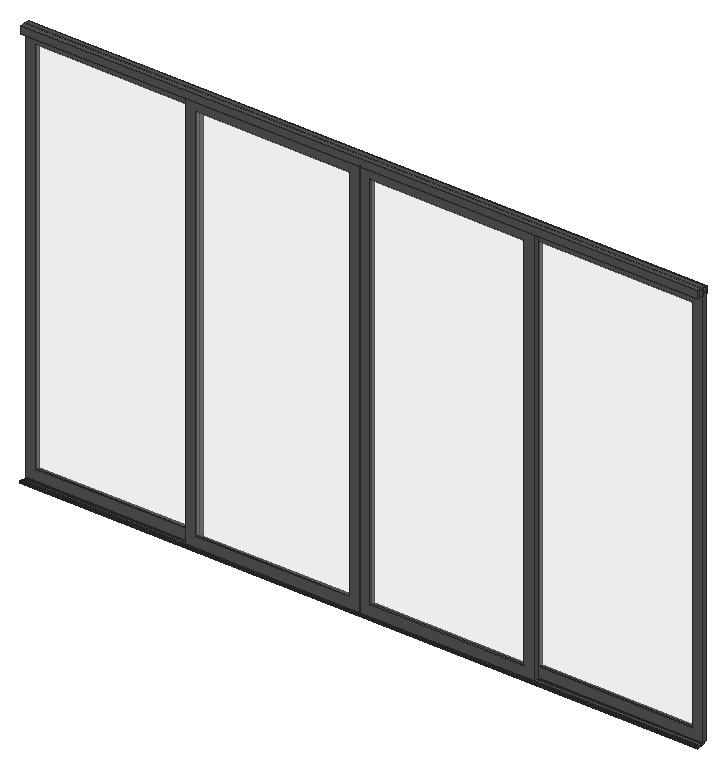
Revit family "Door_FTS RD_The Sliding Door Company_4-Panel Double Track (ABBA-Recessed Bottom)", category Doors, host Wall, Revit 2019
Family settings
  Host = Wall
  OmniClass Number = 23.30.10.00
  OmniClass Title = Doors
  Always vertical = Yes
  Cut with Voids When Loaded = No
  Shared = No
  Room Calculation Point = No
Parameters (values of type "FTS Room Divider - 4 Panel 2 Track - ABBA")
  Upper Track Material [instance] = TSDC - Casing/Upper Track - Powder Coated Black
  URL = "https://www.slidingdoorco.com"
  Thickness = 1 1/4"  # constant formula
  Stile and Rail = 3"
  Rough Width = Finished Opening Width + 5/8" * 2  # 204 1/4"
  Rough Height = Finished Opening Height + 5/8"  # 122 1/4"
  Panel Width 3" Frame = Width / 4 + 1 1/2"  # 52"
  Panel Width 1 1/2" Frame = Width / 4 + 3/4"  # 51 1/4"
  Panel Height = Height - 2 1/4"  # 119 3/4"
  Order Height = Finished Opening Height + 3/8"  # 122"
  Opening Clearance 3" Frame = Width - [Panel Width 3" Frame] * 2  # 98"
  Opening Clearance 1 1/2" Frame = Width - [Panel Width 1 1/2" Frame] * 2  # 99 1/2"
  Open [instance] = no
  Model = "FTS Room Divider - Full Height System"  # constant formula
  Manufacturer = "The Sliding Door Company"  # constant formula
  Limitations = "Panel Width x System Height cannot exceed 7,400 square inches"  # constant formula
  Glass Thickness = "Available in: 5mm Tempered, 7mm,10mm,11mm Laminated Glass"  # constant formula
  Glass Material [instance] = TSDC - Glass - Clear
  Function = Interior
  Height = if(Order Height > 122", 122", Order Height)  # 122"
  Wall Closure = By host
  Width = if(Finished Opening Width > 202", 202", Finished Opening Width)  # 202"
  Fire Rating = "N/A"  # constant formula
  Finished Opening Width = 203"
  Finished Opening Height = 121 5/8"
  Door Casing Material [instance] = TSDC - Casing/Upper Track - Powder Coated Black
  Description = "4 Panel Bi-part System with Double Track (Recessed Bottom Track)"  # constant formula
  Contact The Sliding Door Company = "https://www.slidingdoorco.com/contact"
  Construction Type = "Bi-part, Top Mounted, Recessed Bottom Track"  # constant formula
  Configuration = "ABBA Configuration"  # constant formula
  Closed [instance] = not(Open)  # yes
  Bottom Track Material [instance] = TSDC - Bottom Track - Powder Coated Black
  Analytic Construction = "<None>"
  3" Frame (No Support Dividers) = "Max. H=122 in., Max. W=202 in. (52 in. panel width)"  # constant formula
  1 1/2" Frame (No Support Dividers) = "Max. H=108 in., Max. W=190 in. (50 in. panel width)"  # constant formula
Reference planes (in)
  plane 1 "Center (Front/Back)": y = 0
  plane 2 "Center (Left/Right)": x = 0
  plane 3 "Top": z = 121.625
  plane 4 "Exterior": y = 3
  plane 5 "Interior": y = -3
  plane 6: x = -101
  plane 7: x = 101
  plane 8: z = 0.625
  plane 9 "2": z = 120
  plane 10 "Top": z = 96
  plane 11 "2": z = 94.375
  plane 12 "3": z = 95.25
  plane 13 "Top": z = 96
  plane 14 "2": z = 94.375
  plane 15 "3": z = 95.25
  plane 16 "Top": z = 80
  plane 17: x = -50
  plane 18: x = 50
  plane 19 "2": z = 78.375
  plane 20 "3": z = 79.25
  plane 21: x = -50.5
  plane 22: x = 50.5
  plane 23: x = -36.75
  plane 24: x = -38.25
  plane 25: x = 38.25
  plane 26: x = 36
  plane 27: z = 119.5
  plane 28: z = -0.375
  plane 29: z = 0.25
Forms (in)
  Extrusion 1, solid, material "TSDC - Casing/Upper Track - Powder Coated Black" <- "Upper Track Material"
    sketch origin (0, -0.1543, 0) x (0, 1, 0) y (0, 0, 1)
      loop
        line (1.74219, 121.625) -> (-1.43359, 121.625) -> (-1.43359, 119.5) -> (-1.375, 119.5) -> (-1.375, 121.56641) -> (0.125, 121.56641) -> (0.125, 119.5) -> (0.18359, 119.5) -> (0.18359, 121.56641) -> (1.68359, 121.56641) -> (1.68359, 119.5) -> (1.74219, 119.5) -> (1.74219, 121.625)
    from -101 to 101
  Extrusion 2, solid, material "TSDC - Casing/Upper Track - Powder Coated Black", not visible
    sketch origin (0, 0.8784, 0.00198) x (0, 1, 0) y (0, 0, 1)
      loop
        line (1.17662, -0.00198) -> (1.7466, -0.00198) -> (1.7466, 0.11422) -> (1.63872, 0.16601) -> (1.5898, 0.16) -> (1.58595, 0.19134) -> (1.49638, 0.23434) -> (1.44746, 0.22833) -> (1.44362, 0.25967) -> (1.35493, 0.30224) -> (1.30601, 0.29623) -> (1.30216, 0.32757) -> (1.21825, 0.36785)
        arc (1.21825, 0.36785) -> (1.19583, 0.37043) -> (1.17662, 0.35859) r 0.03449
        line (1.17662, 0.35859) -> (1.17662, 0.26961) -> (1.14379, 0.26961) -> (1.14379, 0.30227) -> (1.11271, 0.30227) -> (1.11271, 0.05752) -> (1.14379, 0.05752) -> (1.14379, 0.08934) -> (1.17662, 0.08934) -> (1.17662, -0.00198)
      loop
        line (1.6966, 0.05) -> (1.6966, 0.08276) -> (1.2346, 0.30454) -> (1.2346, 0.05) -> (1.6966, 0.05)
    from -50 to 50
  Extrusion 3, solid, material "TSDC - Casing/Upper Track - Powder Coated Black", not visible
    sketch origin (0, 0.8784, 0.00198) x (0, 1, 0) y (0, 0, 1)
      loop
        arc (1.17662, 0.34104) -> (1.17081, 0.35508) -> (1.15677, 0.36093) r 0.01985
        line (1.15677, 0.36093) -> (1.07541, 0.36093)
        arc (1.07541, 0.36093) -> (1.06136, 0.3551) -> (1.05556, 0.34103) r 0.01985
        line (1.05556, 0.34103) -> (1.05556, 0.20299) -> (0.9831, 0.20299) -> (0.9831, 0.28602)
        arc (0.9831, 0.28602) -> (0.87384, 0.39506) -> (0.76472, 0.28588) r 0.10919
        line (0.76472, 0.28588) -> (0.82428, 0.28588)
        arc (0.82428, 0.28588) -> (0.87397, 0.3355) -> (0.92354, 0.28575) r 0.04963
        line (0.92354, 0.28575) -> (0.92354, 0.14753) -> (1.05556, 0.10767) -> (1.05556, 0.05757) -> (0.38753, 0.05757) -> (0.38753, 0.36093) -> (-0.56932, 0.36093) -> (-0.56932, 0.20299) -> (-0.64178, 0.20299) -> (-0.64178, 0.28602)
        arc (-0.64178, 0.28602) -> (-0.75104, 0.39506) -> (-0.86016, 0.28588) r 0.10919
        line (-0.86016, 0.28588) -> (-0.8006, 0.28588)
        arc (-0.8006, 0.28588) -> (-0.75091, 0.3355) -> (-0.70134, 0.28575) r 0.04963
        line (-0.70134, 0.28575) -> (-0.70134, 0.14753) -> (-0.56932, 0.10767) -> (-0.56932, 0.05757) -> (-1.23735, 0.05757) -> (-1.23735, 0.36093) -> (-2.19421, 0.36093) -> (-2.19421, 0.20299) -> (-2.26667, 0.20299) -> (-2.26667, 0.28602)
        arc (-2.26667, 0.28602) -> (-2.37592, 0.39506) -> (-2.48504, 0.28588) r 0.10919
        line (-2.48504, 0.28588) -> (-2.42548, 0.28588)
        arc (-2.42548, 0.28588) -> (-2.37579, 0.3355) -> (-2.32622, 0.28575) r 0.04963
        line (-2.32622, 0.28575) -> (-2.32622, 0.14753) -> (-2.19421, 0.10767) -> (-2.19421, 0.05757) -> (-2.86223, 0.05757) -> (-2.86223, 0.34103)
        arc (-2.86223, 0.34103) -> (-2.86803, 0.3551) -> (-2.88208, 0.36093) r 0.01985
        line (-2.88208, 0.36093) -> (-2.96344, 0.36093)
        arc (-2.96344, 0.36093) -> (-2.97751, 0.35509) -> (-2.9833, 0.341) r 0.01985
        line (-2.9833, 0.341) -> (-2.9833, 0.26961) -> (-2.95059, 0.26961) -> (-2.95059, 0.30227) -> (-2.91939, 0.30227) -> (-2.91939, 0.05752) -> (-2.95046, 0.05752) -> (-2.95046, 0.08934) -> (-2.9833, 0.08934) -> (-2.9833, -0.00198) -> (-2.13705, -0.00198) -> (-2.10598, 0.05752) -> (-2.13705, 0.05752) -> (-2.13705, 0.30227) -> (-1.29451, 0.30227) -> (-1.29451, 0.05752) -> (-1.32558, 0.05752) -> (-1.29451, -0.00198) -> (-0.51217, -0.00198) -> (-0.4811, 0.05752) -> (-0.51217, 0.05752) -> (-0.51217, 0.30227) -> (0.33038, 0.30227) -> (0.33038, 0.05752) -> (0.2993, 0.05752) -> (0.33038, -0.00198) -> (1.17662, -0.00198) -> (1.17662, 0.08934) -> (1.14379, 0.08934) -> (1.14379, 0.05752) -> (1.11271, 0.05752) -> (1.11271, 0.30227) -> (1.14379, 0.30227) -> (1.14379, 0.26961) -> (1.17662, 0.26961) -> (1.17662, 0.34104)
    from -50 to 50
  Extrusion 4, solid, material "TSDC - Casing/Upper Track - Powder Coated Black", not visible
    sketch origin (0, -0.92827, 0.00198) x (0, -1, 0) y (0, 0, -1)
      loop
        line (1.17662, 0.00198) -> (1.17662, -0.08934) -> (1.14379, -0.08934) -> (1.14379, -0.05752) -> (1.11271, -0.05752) -> (1.11271, -0.30227) -> (1.14379, -0.30227) -> (1.14379, -0.26961) -> (1.17662, -0.26961) -> (1.17662, -0.35859)
        arc (1.17662, -0.35859) -> (1.19583, -0.37043) -> (1.21825, -0.36785) r 0.03449
        line (1.21825, -0.36785) -> (1.30216, -0.32757) -> (1.30601, -0.29623) -> (1.35493, -0.30224) -> (1.44362, -0.25967) -> (1.44746, -0.22833) -> (1.49638, -0.23434) -> (1.58595, -0.19134) -> (1.5898, -0.16) -> (1.63872, -0.16601) -> (1.7466, -0.11422) -> (1.7466, 0.00198) -> (1.17662, 0.00198)
      loop
        line (1.6966, -0.05) -> (1.2346, -0.05) -> (1.2346, -0.30454) -> (1.6966, -0.08276) -> (1.6966, -0.05)
    from -50 to 50
  Extrusion 5, solid, material "TSDC - Casing/Upper Track - Powder Coated Black", not visible
    sketch origin (0, 1.25781, 0) x (0, 1, 0) y (0, 0, 1)
      loop
        line (1.74219, 96) -> (-2.99219, 96) -> (-2.99219, 93.875) -> (-2.93359, 93.875) -> (-2.93359, 95.94141) -> (-1.43359, 95.94141) -> (-1.43359, 93.875) -> (-1.375, 93.875) -> (-1.375, 95.94141) -> (0.125, 95.94141) -> (0.125, 93.875) -> (0.18359, 93.875) -> (0.18359, 95.94141) -> (1.68359, 95.94141) -> (1.68359, 93.875) -> (1.74219, 93.875) -> (1.74219, 96)
    from -50 to 50
  Extrusion 6, solid, material "TSDC - Casing/Upper Track - Powder Coated Black", visible <- "Open", not visible
    sketch origin (-18.0008, 2.81641, 0) x (1, 0, 0) y (0, 0, 1)
      loop
        line (2.33413, 94.375) -> (-31.9992, 94.375) -> (-31.9992, 0.625) -> (2.33413, 0.625) -> (2.33413, 94.375)
      loop
        line (0.83413, 92.875) -> (-30.4992, 92.875) -> (-30.4992, 2.125) -> (0.83413, 2.125) -> (0.83413, 92.875)
    from 0 to 1.25
  Extrusion 7, solid, material "TSDC - Glass - Clear", visible <- "Open", not visible
    sketch origin (-18.0008, 2.31641, 0) x (1, 0, 0) y (0, 0, 1)
      loop
        line (0.83413, 92.875) -> (-30.4992, 92.875) -> (-30.4992, 2.125) -> (0.83413, 2.125) -> (0.83413, 92.875)
    from 0 to 0.25
  Extrusion 8, solid, material "TSDC - Casing/Upper Track - Powder Coated Black", visible <- "Open", not visible
    sketch origin (-44.66746, 1.25781, 0) x (1, 0, 0) y (0, 0, 1)
      loop
        line (29.0008, 94.375) -> (-5.33254, 94.375) -> (-5.33254, 0.625) -> (29.0008, 0.625) -> (29.0008, 94.375)
      loop
        line (27.5008, 92.875) -> (-3.83254, 92.875) -> (-3.83254, 2.125) -> (27.5008, 2.125) -> (27.5008, 92.875)
    from 0 to 1.25
  Extrusion 9, solid, material "TSDC - Glass - Clear", visible <- "Open", not visible
    sketch origin (-44.66746, 0.75781, 0) x (1, 0, 0) y (0, 0, 1)
      loop
        line (27.5008, 92.875) -> (-3.83254, 92.875) -> (-3.83254, 2.125) -> (27.5008, 2.125) -> (27.5008, 92.875)
    from 0 to 0.25
  Extrusion 10, solid, material "TSDC - Casing/Upper Track - Powder Coated Black", visible <- "Open", not visible
    sketch origin (-71.33413, -0.30078, 0) x (1, 0, 0) y (0, 0, 1)
      loop
        line (55.66746, 94.375) -> (21.33413, 94.375) -> (21.33413, 0.625) -> (55.66746, 0.625) -> (55.66746, 94.375)
      loop
        line (54.16746, 92.875) -> (22.83413, 92.875) -> (22.83413, 2.125) -> (54.16746, 2.125) -> (54.16746, 92.875)
    from 0 to 1.25
  Extrusion 11, solid, material "TSDC - Glass - Clear", visible <- "Open", not visible
    sketch origin (-71.33413, -0.80078, 0) x (1, 0, 0) y (0, 0, 1)
      loop
        line (54.16746, 92.875) -> (22.83413, 92.875) -> (22.83413, 2.125) -> (54.16746, 2.125) -> (54.16746, 92.875)
    from 0 to 0.25
  Extrusion 12, solid, material "TSDC - Casing/Upper Track - Powder Coated Black", visible <- "Closed", not visible
    sketch origin (-11.83413, 1.25781, 0) x (1, 0, 0) y (0, 0, 1)
      loop
        line (29.0008, 94.375) -> (-5.33254, 94.375) -> (-5.33254, 0.625) -> (29.0008, 0.625) -> (29.0008, 94.375)
      loop
        line (27.5008, 92.875) -> (-3.83254, 92.875) -> (-3.83254, 2.125) -> (27.5008, 2.125) -> (27.5008, 92.875)
    from 0 to 1.25
  Extrusion 13, solid, material "TSDC - Glass - Clear", visible <- "Closed", not visible
    sketch origin (-11.83413, 0.75781, 0) x (1, 0, 0) y (0, 0, 1)
      loop
        line (27.5008, 92.875) -> (-3.83254, 92.875) -> (-3.83254, 2.125) -> (27.5008, 2.125) -> (27.5008, 92.875)
    from 0 to 0.25
  Extrusion 14, solid, material "TSDC - Casing/Upper Track - Powder Coated Black", visible <- "Closed", not visible
    sketch origin (47.66587, 2.81641, 0) x (1, 0, 0) y (0, 0, 1)
      loop
        line (2.33413, 94.375) -> (-31.9992, 94.375) -> (-31.9992, 0.625) -> (2.33413, 0.625) -> (2.33413, 94.375)
      loop
        line (0.83413, 92.875) -> (-30.4992, 92.875) -> (-30.4992, 2.125) -> (0.83413, 2.125) -> (0.83413, 92.875)
    from 0 to 1.25
  Extrusion 15, solid, material "TSDC - Glass - Clear", visible <- "Closed", not visible
    sketch origin (47.66587, 2.31641, 0) x (1, 0, 0) y (0, 0, 1)
      loop
        line (0.83413, 92.875) -> (-30.4992, 92.875) -> (-30.4992, 2.125) -> (0.83413, 2.125) -> (0.83413, 92.875)
    from 0 to 0.25
  Extrusion 16, solid, material "TSDC - Casing/Upper Track - Powder Coated Black", visible <- "Closed", not visible
    sketch origin (-71.33413, -0.30078, 0) x (1, 0, 0) y (0, 0, 1)
      loop
        line (55.66746, 94.375) -> (21.33413, 94.375) -> (21.33413, 0.625) -> (55.66746, 0.625) -> (55.66746, 94.375)
      loop
        line (54.16746, 92.875) -> (22.83413, 92.875) -> (22.83413, 2.125) -> (54.16746, 2.125) -> (54.16746, 92.875)
    from 0 to 1.25
  Extrusion 17, solid, material "TSDC - Glass - Clear", visible <- "Closed", not visible
    sketch origin (-71.33413, -0.80078, 0) x (1, 0, 0) y (0, 0, 1)
      loop
        line (54.16746, 92.875) -> (22.83413, 92.875) -> (22.83413, 2.125) -> (54.16746, 2.125) -> (54.16746, 92.875)
    from 0 to 0.25
  Extrusion 18, solid, material "TSDC - Casing/Upper Track - Powder Coated Black", not visible
    sketch origin (0, 1.25781, 0) x (0, 1, 0) y (0, 0, 1)
      loop
        line (1.74219, 96) -> (-2.99219, 96) -> (-2.99219, 93.875) -> (-2.93359, 93.875) -> (-2.93359, 95.94141) -> (-1.43359, 95.94141) -> (-1.43359, 93.875) -> (-1.375, 93.875) -> (-1.375, 95.94141) -> (0.125, 95.94141) -> (0.125, 93.875) -> (0.18359, 93.875) -> (0.18359, 95.94141) -> (1.68359, 95.94141) -> (1.68359, 93.875) -> (1.74219, 93.875) -> (1.74219, 96)
    from -50 to 50
  Extrusion 19, solid, material "TSDC - Casing/Upper Track - Powder Coated Black", not visible
    sketch origin (0, 1.25781, 0) x (0, 1, 0) y (0, 0, 1)
      loop
        line (1.74219, 96) -> (-2.99219, 96) -> (-2.99219, 93.875) -> (-2.93359, 93.875) -> (-2.93359, 95.94141) -> (-1.43359, 95.94141) -> (-1.43359, 93.875) -> (-1.375, 93.875) -> (-1.375, 95.94141) -> (0.125, 95.94141) -> (0.125, 93.875) -> (0.18359, 93.875) -> (0.18359, 95.94141) -> (1.68359, 95.94141) -> (1.68359, 93.875) -> (1.74219, 93.875) -> (1.74219, 96)
    from -50 to 50
  Extrusion 20, solid, material "TSDC - Casing/Upper Track - Powder Coated Black", not visible
    sketch origin (0, 1.25781, 0) x (0, 1, 0) y (0, 0, 1)
      loop
        line (1.74219, 96) -> (-2.99219, 96) -> (-2.99219, 93.875) -> (-2.93359, 93.875) -> (-2.93359, 95.94141) -> (-1.43359, 95.94141) -> (-1.43359, 93.875) -> (-1.375, 93.875) -> (-1.375, 95.94141) -> (0.125, 95.94141) -> (0.125, 93.875) -> (0.18359, 93.875) -> (0.18359, 95.94141) -> (1.68359, 95.94141) -> (1.68359, 93.875) -> (1.74219, 93.875) -> (1.74219, 96)
    from -50 to 50
  Extrusion 21, solid, material "TSDC - Casing/Upper Track - Powder Coated Black", not visible
    sketch origin (0, 0.8784, 0.00198) x (0, 1, 0) y (0, 0, 1)
      loop
        line (1.17662, -0.00198) -> (1.7466, -0.00198) -> (1.7466, 0.11422) -> (1.63872, 0.16601) -> (1.5898, 0.16) -> (1.58595, 0.19134) -> (1.49638, 0.23434) -> (1.44746, 0.22833) -> (1.44362, 0.25967) -> (1.35493, 0.30224) -> (1.30601, 0.29623) -> (1.30216, 0.32757) -> (1.21825, 0.36785)
        arc (1.21825, 0.36785) -> (1.19583, 0.37043) -> (1.17662, 0.35859) r 0.03449
        line (1.17662, 0.35859) -> (1.17662, 0.26961) -> (1.14379, 0.26961) -> (1.14379, 0.30227) -> (1.11271, 0.30227) -> (1.11271, 0.05752) -> (1.14379, 0.05752) -> (1.14379, 0.08934) -> (1.17662, 0.08934) -> (1.17662, -0.00198)
      loop
        line (1.6966, 0.05) -> (1.6966, 0.08276) -> (1.2346, 0.30454) -> (1.2346, 0.05) -> (1.6966, 0.05)
    from -50 to 50
  Extrusion 22, solid, material "TSDC - Casing/Upper Track - Powder Coated Black", not visible
    sketch origin (0, 0.8784, 0.00198) x (0, 1, 0) y (0, 0, 1)
      loop
        arc (1.17662, 0.34104) -> (1.17081, 0.35508) -> (1.15677, 0.36093) r 0.01985
        line (1.15677, 0.36093) -> (1.07541, 0.36093)
        arc (1.07541, 0.36093) -> (1.06136, 0.3551) -> (1.05556, 0.34103) r 0.01985
        line (1.05556, 0.34103) -> (1.05556, 0.20299) -> (0.9831, 0.20299) -> (0.9831, 0.28602)
        arc (0.9831, 0.28602) -> (0.87384, 0.39506) -> (0.76472, 0.28588) r 0.10919
        line (0.76472, 0.28588) -> (0.82428, 0.28588)
        arc (0.82428, 0.28588) -> (0.87397, 0.3355) -> (0.92354, 0.28575) r 0.04963
        line (0.92354, 0.28575) -> (0.92354, 0.14753) -> (1.05556, 0.10767) -> (1.05556, 0.05757) -> (0.38753, 0.05757) -> (0.38753, 0.36093) -> (-0.56932, 0.36093) -> (-0.56932, 0.20299) -> (-0.64178, 0.20299) -> (-0.64178, 0.28602)
        arc (-0.64178, 0.28602) -> (-0.75104, 0.39506) -> (-0.86016, 0.28588) r 0.10919
        line (-0.86016, 0.28588) -> (-0.8006, 0.28588)
        arc (-0.8006, 0.28588) -> (-0.75091, 0.3355) -> (-0.70134, 0.28575) r 0.04963
        line (-0.70134, 0.28575) -> (-0.70134, 0.14753) -> (-0.56932, 0.10767) -> (-0.56932, 0.05757) -> (-1.23735, 0.05757) -> (-1.23735, 0.36093) -> (-2.19421, 0.36093) -> (-2.19421, 0.20299) -> (-2.26667, 0.20299) -> (-2.26667, 0.28602)
        arc (-2.26667, 0.28602) -> (-2.37592, 0.39506) -> (-2.48504, 0.28588) r 0.10919
        line (-2.48504, 0.28588) -> (-2.42548, 0.28588)
        arc (-2.42548, 0.28588) -> (-2.37579, 0.3355) -> (-2.32622, 0.28575) r 0.04963
        line (-2.32622, 0.28575) -> (-2.32622, 0.14753) -> (-2.19421, 0.10767) -> (-2.19421, 0.05757) -> (-2.86223, 0.05757) -> (-2.86223, 0.34103)
        arc (-2.86223, 0.34103) -> (-2.86803, 0.3551) -> (-2.88208, 0.36093) r 0.01985
        line (-2.88208, 0.36093) -> (-2.96344, 0.36093)
        arc (-2.96344, 0.36093) -> (-2.97751, 0.35509) -> (-2.9833, 0.341) r 0.01985
        line (-2.9833, 0.341) -> (-2.9833, 0.26961) -> (-2.95059, 0.26961) -> (-2.95059, 0.30227) -> (-2.91939, 0.30227) -> (-2.91939, 0.05752) -> (-2.95046, 0.05752) -> (-2.95046, 0.08934) -> (-2.9833, 0.08934) -> (-2.9833, -0.00198) -> (-2.13705, -0.00198) -> (-2.10598, 0.05752) -> (-2.13705, 0.05752) -> (-2.13705, 0.30227) -> (-1.29451, 0.30227) -> (-1.29451, 0.05752) -> (-1.32558, 0.05752) -> (-1.29451, -0.00198) -> (-0.51217, -0.00198) -> (-0.4811, 0.05752) -> (-0.51217, 0.05752) -> (-0.51217, 0.30227) -> (0.33038, 0.30227) -> (0.33038, 0.05752) -> (0.2993, 0.05752) -> (0.33038, -0.00198) -> (1.17662, -0.00198) -> (1.17662, 0.08934) -> (1.14379, 0.08934) -> (1.14379, 0.05752) -> (1.11271, 0.05752) -> (1.11271, 0.30227) -> (1.14379, 0.30227) -> (1.14379, 0.26961) -> (1.17662, 0.26961) -> (1.17662, 0.34104)
    from -50 to 50
  Extrusion 23, solid, material "TSDC - Casing/Upper Track - Powder Coated Black", not visible
    sketch origin (0, -0.92827, 0.00198) x (0, -1, 0) y (0, 0, -1)
      loop
        line (1.17662, 0.00198) -> (1.17662, -0.08934) -> (1.14379, -0.08934) -> (1.14379, -0.05752) -> (1.11271, -0.05752) -> (1.11271, -0.30227) -> (1.14379, -0.30227) -> (1.14379, -0.26961) -> (1.17662, -0.26961) -> (1.17662, -0.35859)
        arc (1.17662, -0.35859) -> (1.19583, -0.37043) -> (1.21825, -0.36785) r 0.03449
        line (1.21825, -0.36785) -> (1.30216, -0.32757) -> (1.30601, -0.29623) -> (1.35493, -0.30224) -> (1.44362, -0.25967) -> (1.44746, -0.22833) -> (1.49638, -0.23434) -> (1.58595, -0.19134) -> (1.5898, -0.16) -> (1.63872, -0.16601) -> (1.7466, -0.11422) -> (1.7466, 0.00198) -> (1.17662, 0.00198)
      loop
        line (1.6966, -0.05) -> (1.2346, -0.05) -> (1.2346, -0.30454) -> (1.6966, -0.08276) -> (1.6966, -0.05)
    from -50 to 50
  Extrusion 24, solid, material "TSDC - Casing/Upper Track - Powder Coated Black", not visible
    sketch origin (0, 1.25781, -16) x (0, 1, 0) y (0, 0, 1)
      loop
        line (1.74219, 96) -> (-2.99219, 96) -> (-2.99219, 93.875) -> (-2.93359, 93.875) -> (-2.93359, 95.94141) -> (-1.43359, 95.94141) -> (-1.43359, 93.875) -> (-1.375, 93.875) -> (-1.375, 95.94141) -> (0.125, 95.94141) -> (0.125, 93.875) -> (0.18359, 93.875) -> (0.18359, 95.94141) -> (1.68359, 95.94141) -> (1.68359, 93.875) -> (1.74219, 93.875) -> (1.74219, 96)
    from -50 to 50
  Extrusion 25, solid, material "TSDC - Casing/Upper Track - Powder Coated Black" <- "Door Casing Material", visible <- "Closed"
    sketch origin (-47.66587, -0.1543, 0) x (-1, 0, 0) y (0, 0, -1)
      loop
        line (4.33413, -120) -> (4.33413, -0.25) -> (-47.66587, -0.25) -> (-47.66587, -120) -> (4.33413, -120)
      loop
        line (1.33413, -117) -> (1.33413, -3.25) -> (-44.66587, -3.25) -> (-44.66587, -117) -> (1.33413, -117)
    from 0 to 1.25
  Extrusion 26, solid, material "TSDC - Glass - Clear" <- "Glass Material", visible <- "Closed"
    sketch origin (-47.66587, -0.6543, 0) x (-1, 0, 0) y (0, 0, -1)
      loop
        line (1.33413, -117) -> (1.33413, -3.25) -> (-44.66587, -3.25) -> (-44.66587, -117) -> (1.33413, -117)
    from 0 to 0.25
  Extrusion 27, solid, material "TSDC - Casing/Upper Track - Powder Coated Black" <- "Door Casing Material", visible <- "Closed"
    sketch origin (-83.66587, 1.4043, 0) x (-1, 0, 0) y (0, 0, -1)
      loop
        line (17.33413, -120) -> (17.33413, -0.25) -> (-34.66587, -0.25) -> (-34.66587, -120) -> (17.33413, -120)
      loop
        line (14.33413, -117) -> (14.33413, -3.25) -> (-31.66587, -3.25) -> (-31.66587, -117) -> (14.33413, -117)
    from 0 to 1.25
  Extrusion 28, solid, material "TSDC - Glass - Clear" <- "Glass Material", visible <- "Closed"
    sketch origin (-83.66587, 0.9043, 0) x (-1, 0, 0) y (0, 0, -1)
      loop
        line (14.33413, -117) -> (14.33413, -3.25) -> (-31.66587, -3.25) -> (-31.66587, -117) -> (14.33413, -117)
    from 0 to 0.25
  Extrusion 29, solid, material "TSDC - Casing/Upper Track - Powder Coated Black" <- "Door Casing Material", visible <- "Closed"
    sketch origin (47.66587, -0.1543, 0) x (1, 0, 0) y (0, 0, 1)
      loop
        line (4.33413, 120) -> (-47.66587, 120) -> (-47.66587, 0.25) -> (4.33413, 0.25) -> (4.33413, 120)
      loop
        line (1.33413, 117) -> (-44.66587, 117) -> (-44.66587, 3.25) -> (1.33413, 3.25) -> (1.33413, 117)
    from 0 to 1.25
  Extrusion 30, solid, material "TSDC - Glass - Clear" <- "Glass Material", visible <- "Closed"
    sketch origin (47.66587, -0.6543, 0) x (1, 0, 0) y (0, 0, 1)
      loop
        line (1.33413, 117) -> (-44.66587, 117) -> (-44.66587, 3.25) -> (1.33413, 3.25) -> (1.33413, 117)
    from 0 to 0.25
  Extrusion 31, solid, material "TSDC - Casing/Upper Track - Powder Coated Black" <- "Door Casing Material", visible <- "Closed"
    sketch origin (83.66587, 1.4043, 0) x (1, 0, 0) y (0, 0, 1)
      loop
        line (17.33413, 120) -> (-34.66587, 120) -> (-34.66587, 0.25) -> (17.33413, 0.25) -> (17.33413, 120)
      loop
        line (14.33413, 117) -> (-31.66587, 117) -> (-31.66587, 3.25) -> (14.33413, 3.25) -> (14.33413, 117)
    from 0 to 1.25
  Extrusion 32, solid, material "TSDC - Glass - Clear" <- "Glass Material", visible <- "Closed"
    sketch origin (83.66587, 0.9043, 0) x (1, 0, 0) y (0, 0, 1)
      loop
        line (14.33413, 117) -> (-31.66587, 117) -> (-31.66587, 3.25) -> (14.33413, 3.25) -> (14.33413, 117)
    from 0 to 0.25
  Extrusion 33, solid, material "TSDC - Casing/Upper Track - Powder Coated Black" <- "Door Casing Material", visible <- "Open"
    sketch origin (-83.66587, 1.4043, 0) x (-1, 0, 0) y (0, 0, -1)
      loop
        line (17.33413, -120) -> (17.33413, -0.25) -> (-34.66587, -0.25) -> (-34.66587, -120) -> (17.33413, -120)
      loop
        line (14.33413, -117) -> (14.33413, -3.25) -> (-31.66587, -3.25) -> (-31.66587, -117) -> (14.33413, -117)
    from 0 to 1.25
  Extrusion 34, solid, material "TSDC - Glass - Clear" <- "Glass Material", visible <- "Open"
    sketch origin (-83.66587, 0.9043, 0) x (-1, 0, 0) y (0, 0, -1)
      loop
        line (14.33413, -117) -> (14.33413, -3.25) -> (-31.66587, -3.25) -> (-31.66587, -117) -> (14.33413, -117)
    from 0 to 0.25
  Extrusion 35, solid, material "TSDC - Casing/Upper Track - Powder Coated Black" <- "Door Casing Material", visible <- "Open"
    sketch origin (-83.66587, -0.1543, 0) x (-1, 0, 0) y (0, 0, -1)
      loop
        line (17.33413, -120) -> (17.33413, -0.25) -> (-34.66587, -0.25) -> (-34.66587, -120) -> (17.33413, -120)
      loop
        line (14.33413, -117) -> (14.33413, -3.25) -> (-31.66587, -3.25) -> (-31.66587, -117) -> (14.33413, -117)
    from 0 to 1.25
  Extrusion 36, solid, material "TSDC - Glass - Clear" <- "Glass Material", visible <- "Open"
    sketch origin (-83.66587, -0.6543, 0) x (-1, 0, 0) y (0, 0, -1)
      loop
        line (14.33413, -117) -> (14.33413, -3.25) -> (-31.66587, -3.25) -> (-31.66587, -117) -> (14.33413, -117)
    from 0 to 0.25
  Extrusion 37, solid, material "TSDC - Casing/Upper Track - Powder Coated Black" <- "Door Casing Material", visible <- "Open"
    sketch origin (83.66587, -0.1543, 0) x (1, 0, 0) y (0, 0, 1)
      loop
        line (17.33413, 120) -> (-34.66587, 120) -> (-34.66587, 0.25) -> (17.33413, 0.25) -> (17.33413, 120)
      loop
        line (14.33413, 117) -> (-31.66587, 117) -> (-31.66587, 3.25) -> (14.33413, 3.25) -> (14.33413, 117)
    from 0 to 1.25
  Extrusion 38, solid, material "TSDC - Glass - Clear" <- "Glass Material", visible <- "Open"
    sketch origin (83.66587, -0.6543, 0) x (1, 0, 0) y (0, 0, 1)
      loop
        line (14.33413, 117) -> (-31.66587, 117) -> (-31.66587, 3.25) -> (14.33413, 3.25) -> (14.33413, 117)
    from 0 to 0.25
  Extrusion 39, solid, material "TSDC - Casing/Upper Track - Powder Coated Black" <- "Door Casing Material", visible <- "Open"
    sketch origin (83.66587, 1.4043, 0) x (1, 0, 0) y (0, 0, 1)
      loop
        line (17.33413, 120) -> (-34.66587, 120) -> (-34.66587, 0.25) -> (17.33413, 0.25) -> (17.33413, 120)
      loop
        line (14.33413, 117) -> (-31.66587, 117) -> (-31.66587, 3.25) -> (14.33413, 3.25) -> (14.33413, 117)
    from 0 to 1.25
  Extrusion 40, solid, material "TSDC - Glass - Clear" <- "Glass Material", visible <- "Open"
    sketch origin (83.66587, 0.9043, 0) x (1, 0, 0) y (0, 0, 1)
      loop
        line (14.33413, 117) -> (-31.66587, 117) -> (-31.66587, 3.25) -> (14.33413, 3.25) -> (14.33413, 117)
    from 0 to 0.25
  Extrusion 41, solid, material "TSDC - Bottom Track - Powder Coated Black" <- "Bottom Track Material"
    sketch origin (0, 2.46629, -0.37302) x (0, 1, 0) y (0, 0, 1)
      loop
        line (-1.82338, 0.26961) -> (-1.82338, 0.34104)
        arc (-1.82338, 0.34104) -> (-1.82919, 0.35508) -> (-1.84323, 0.36089) r 0.01985
        line (-1.84323, 0.36089) -> (-1.92459, 0.36093)
        arc (-1.92459, 0.36093) -> (-1.93864, 0.3551) -> (-1.94444, 0.34103) r 0.01985
        line (-1.94444, 0.34103) -> (-1.94444, 0.20299) -> (-2.0169, 0.20299) -> (-2.0169, 0.28602)
        arc (-2.0169, 0.28602) -> (-2.12616, 0.39506) -> (-2.23528, 0.28588) r 0.10919
        line (-2.23528, 0.28588) -> (-2.17572, 0.28588)
        arc (-2.17572, 0.28588) -> (-2.12603, 0.3355) -> (-2.07646, 0.28575) r 0.04963
        line (-2.07646, 0.28575) -> (-2.07646, 0.14753) -> (-1.94444, 0.10767) -> (-1.94444, 0.05757) -> (-2.61247, 0.05757) -> (-2.61247, 0.36093) -> (-3.56932, 0.36093) -> (-3.56932, 0.20299) -> (-3.64178, 0.20299) -> (-3.64178, 0.28602)
        arc (-3.64178, 0.28602) -> (-3.75104, 0.39506) -> (-3.86016, 0.28588) r 0.10919
        line (-3.86016, 0.28588) -> (-3.8006, 0.28588)
        arc (-3.8006, 0.28588) -> (-3.75091, 0.3355) -> (-3.70134, 0.28575) r 0.04963
        line (-3.70134, 0.28575) -> (-3.70134, 0.14753) -> (-3.56932, 0.10767) -> (-3.56932, 0.05757) -> (-4.23735, 0.05757) -> (-4.23735, 0.34103)
        arc (-4.23735, 0.34103) -> (-4.24315, 0.3551) -> (-4.2572, 0.36093) r 0.01985
        line (-4.2572, 0.36093) -> (-4.33856, 0.36093)
        arc (-4.33856, 0.36093) -> (-4.35263, 0.35509) -> (-4.35841, 0.341) r 0.01985
        line (-4.35841, 0.341) -> (-4.35841, 0.26961) -> (-4.32571, 0.26961) -> (-4.32571, 0.30227) -> (-4.29451, 0.30227) -> (-4.29451, 0.05752) -> (-4.32558, 0.05752) -> (-4.32558, 0.08934) -> (-4.35841, 0.08934) -> (-4.35841, -0.00198) -> (-3.51217, -0.00198) -> (-3.4811, 0.05752) -> (-3.51217, 0.05752) -> (-3.51217, 0.30227) -> (-2.66962, 0.30227) -> (-2.66962, 0.05752) -> (-2.7007, 0.05752) -> (-2.66962, -0.00198) -> (-1.82338, -0.00198) -> (-1.82338, 0.08934) -> (-1.85621, 0.08934) -> (-1.85621, 0.05752) -> (-1.88729, 0.05752) -> (-1.88729, 0.30227) -> (-1.85621, 0.30227) -> (-1.85621, 0.26961) -> (-1.82338, 0.26961)
    from -101 to 101
Lines and regions (in)
  Opening 1
    outline origin (-60, -3, 0) x (1, 0, 0) y (0, 0, 1)
      loop
        line (161, 0) -> (161, 121.625) -> (-41, 121.625) -> (-41, 0) -> (161, 0)
Text (in)
  text "Exterior" at (-165.54235, 27.31104, 0), in view "Ref. Level"
  text "Interior" at (-165.54235, -25.14366, 0), in view "Ref. Level"
  text "Exterior" at (0, 40.15149, 123.01588), in view "Right"
  text "Interior" at (0, -64.39139, 123.01588), in view "Right"
  text "Interior" at (0, -31.01599, 123.00693), in view "Left"
  text "Exterior" at (0, 54.57065, 123.00693), in view "Left"
Dimensions and locks (in)
  locked: plane 9 "2" to plane 3 "Top" at 1.625
  "Height": plane 28 to plane 3 "Top"
  "Width": plane 6 to plane 7
  "Stile and Rail": Extrusion 25 to Extrusion 25  (x5)
  equal spacing: plane 6, plane 21, plane 2 "Center (Left/Right)", plane 22, plane 7
  "Stile and Rail": Extrusion 27 to Extrusion 27  (x4)
  equal spacing: Extrusion 27, plane 21, Extrusion 27
  equal spacing: Extrusion 25, plane 21, Extrusion 25
  plane 6 to Extrusion 27 = 52"
  Extrusion 25 to Extrusion 25 = 52"
  "Stile and Rail": Extrusion 29 to Extrusion 29  (x5)
  "Stile and Rail": Extrusion 31 to Extrusion 31  (x4)
  plane 2 "Center (Left/Right)" to Extrusion 29 = 52"
  Extrusion 31 to Extrusion 31 = 52"
  equal spacing: Extrusion 31, plane 22, Extrusion 31
  equal spacing: Extrusion 29, plane 22, Extrusion 29
  "Stile and Rail": Extrusion 33 to Extrusion 33  (x4)
  "Stile and Rail": Extrusion 35 to Extrusion 35  (x4)
  "Stile and Rail": Extrusion 37 to Extrusion 37  (x5)
  "Stile and Rail": Extrusion 39 to Extrusion 39  (x2)
  Extrusion 1 to Extrusion 1 to Extrusion 1 to host wall to Extrusion 1 to Extrusion 1 to Extrusion 1 = 15/256" locked, 1 1/2" locked, 0.0293" locked, 0.0293" locked, 1 1/2" locked, 15/256" locked
  locked: plane 27 to plane 3 "Top" at 2.125
  plane 28 to level = 3/8"
  level to Extrusion 1 = 121 5/8"
  Extrusion 41 to plane 1 "Center (Front/Back)" to Extrusion 41 = 0.64292" locked, 1.89212" locked
  aligned and locked: plane 4 "Exterior" to host wall
  aligned and locked: host wall to plane 5 "Interior"
  aligned and locked: Extrusion 1 to plane 6
  aligned and locked: plane 7 to Extrusion 1
  aligned and locked: Opening 1 sketch curve to Extrusion 1
  aligned and locked: Extrusion 25 to Extrusion 26  (x4)
  aligned and locked: Extrusion 27 to Extrusion 28  (x4)
  aligned and locked: Extrusion 30 to Extrusion 29  (x4)
  aligned and locked: Extrusion 32 to Extrusion 31  (x4)
  aligned and locked: Extrusion 33 to Extrusion 34  (x4)
  aligned and locked: Extrusion 25 to Extrusion 33
  aligned and locked: Extrusion 35 to Extrusion 36  (x4)
  aligned and locked: Extrusion 35 to Extrusion 25
  aligned and locked: Extrusion 38 to Extrusion 37  (x4)
  aligned and locked: Extrusion 37 to Extrusion 29
  aligned and locked: Extrusion 40 to Extrusion 39  (x4)
  aligned and locked: Extrusion 39 to Extrusion 37
  aligned and locked: host wall to Extrusion 41  (x2)
  aligned and locked: Extrusion 41 to plane 6
  aligned and locked: Extrusion 35 to plane 29
  aligned and locked: Extrusion 25 to Extrusion 35
  aligned and locked: Extrusion 29 to Extrusion 25
  aligned and locked: Extrusion 37 to Extrusion 25
  aligned and locked: Extrusion 33 to Extrusion 25
  aligned and locked: Extrusion 27 to Extrusion 25
  aligned and locked: Extrusion 39 to Extrusion 25
  aligned and locked: Extrusion 31 to Extrusion 25
  aligned and locked: Extrusion 25 to Extrusion 39
  aligned and locked: Opening 1 sketch curve to plane 3 "Top"
Automatic sketch dimensions
  Extrusion 2 sketch curve to Extrusion 2 sketch curve = 0.03107"  (x2)
  Extrusion 2 sketch curve to Extrusion 2 sketch curve = 0.03284"  (x2)
  Extrusion 2 sketch curve to Extrusion 2 sketch curve = 0.0267"
  Extrusion 2 sketch curve to Extrusion 2 sketch curve = 0.01493"
  Extrusion 2 sketch curve to Extrusion 2 sketch curve = 0.05797"
  Extrusion 2 sketch curve to Extrusion 2 sketch curve = 0.06757"
  Extrusion 2 sketch curve to Extrusion 2 sketch curve = 0.00385"  (x3)
  Extrusion 2 sketch curve to Extrusion 2 sketch curve = 0.04892"  (x3)
  Extrusion 2 sketch curve to Extrusion 2 sketch curve = 0.08869"
  Extrusion 2 sketch curve to Extrusion 2 sketch curve = 0.08957"
  Extrusion 2 sketch curve to Extrusion 2 sketch curve = 0.05788"
  Extrusion 2 sketch curve to Extrusion 2 sketch curve = 0.05"
  Extrusion 2 sketch curve to Extrusion 2 sketch curve = 0.03276"
  Extrusion 2 sketch curve to Extrusion 2 sketch curve = 0.03182"
  Extrusion 2 sketch curve to Extrusion 2 sketch curve = 0.03146"
  Extrusion 2 sketch curve to Extrusion 2 sketch curve = 0.00601"  (x3)
  Extrusion 2 sketch curve to Extrusion 2 sketch curve = 0.09824"
  Extrusion 2 sketch curve to Extrusion 2 sketch curve = 0.03266"
  Extrusion 2 sketch curve to Extrusion 2 sketch curve = 0.06331"
  Extrusion 2 sketch curve to Extrusion 2 sketch curve = 0.03109"
  Extrusion 3 sketch curve to Extrusion 3 sketch curve = 0"  (x25)
  Extrusion 3 sketch curve to Extrusion 3 sketch curve = 0.01985"  (x3)
  Extrusion 3 sketch curve to Extrusion 3 sketch curve = 0.03271"
  Extrusion 3 sketch curve to Extrusion 3 sketch curve = 0.03284"  (x3)
  Extrusion 3 sketch curve to Extrusion 3 sketch curve = 0.03107"  (x9)
  Extrusion 3 sketch curve to Extrusion 3 sketch curve = 0.0373"
  Extrusion 3 sketch curve to Extrusion 3 sketch curve = 0.37719"  (x3)
  Extrusion 3 sketch curve to Extrusion 3 sketch curve = 0.05956"  (x6)
  Extrusion 3 sketch curve to Extrusion 3 sketch curve = 0.04963"  (x6)
  Extrusion 3 sketch curve to Extrusion 3 sketch curve = 0.07246"  (x4)
  Extrusion 3 sketch curve to Extrusion 3 sketch curve = 0.05716"  (x5)
  Extrusion 3 sketch curve to Extrusion 3 sketch curve = 0.7804"  (x2)
  Extrusion 3 sketch curve to Extrusion 3 sketch curve = 0.01299"
  Extrusion 3 sketch curve to Extrusion 3 sketch curve = 0.00005"  (x5)
  Extrusion 3 sketch curve to Extrusion 3 sketch curve = 0.03182"  (x2)
  Extrusion 3 sketch curve to Extrusion 3 sketch curve = 0.0501"  (x3)
  Extrusion 3 sketch curve to Extrusion 3 sketch curve = 0.03986"  (x2)
  Extrusion 3 sketch curve to Extrusion 3 sketch curve = 0.09532"  (x2)
  Extrusion 3 sketch curve to Extrusion 3 sketch curve = 0.05547"  (x2)
  Extrusion 3 sketch curve to Extrusion 3 sketch curve = 0.06662"
  Extrusion 3 sketch curve to Extrusion 3 sketch curve = 0.08276"  (x3)
  Extrusion 3 sketch curve to Extrusion 3 sketch curve = 0.00012"  (x3)
  Extrusion 3 sketch curve to Extrusion 3 sketch curve = 0.03266"  (x2)
  Extrusion 3 sketch curve to Extrusion 3 sketch curve = 0.24475"
  Extrusion 3 sketch curve to Extrusion 3 sketch curve = 0.09928"
  Extrusion 3 sketch curve to Extrusion 3 sketch curve = 0.03873"
  Extrusion 3 sketch curve to Extrusion 3 sketch curve = 0.03876"  (x2)
  Extrusion 3 sketch curve to Extrusion 3 sketch curve = 0.03877"
  Extrusion 3 sketch curve to Extrusion 3 sketch curve = 0.00007"
  Extrusion 3 sketch curve to Extrusion 3 sketch curve = 0.05866"  (x2)
  Extrusion 4 sketch curve to Extrusion 4 sketch curve = 0.03107"  (x2)
  Extrusion 4 sketch curve to Extrusion 4 sketch curve = 0.03284"  (x2)
  Extrusion 4 sketch curve to Extrusion 4 sketch curve = 0.0267"
  Extrusion 4 sketch curve to Extrusion 4 sketch curve = 0.01493"
  Extrusion 4 sketch curve to Extrusion 4 sketch curve = 0.05797"
  Extrusion 4 sketch curve to Extrusion 4 sketch curve = 0.06757"
  Extrusion 4 sketch curve to Extrusion 4 sketch curve = 0.00385"  (x3)
  Extrusion 4 sketch curve to Extrusion 4 sketch curve = 0.04892"  (x3)
  Extrusion 4 sketch curve to Extrusion 4 sketch curve = 0.08869"
  Extrusion 4 sketch curve to Extrusion 4 sketch curve = 0.08957"
  Extrusion 4 sketch curve to Extrusion 4 sketch curve = 0.05788"
  Extrusion 4 sketch curve to Extrusion 4 sketch curve = 0.05"
  Extrusion 4 sketch curve to Extrusion 4 sketch curve = 0.00926"
  Extrusion 4 sketch curve to Extrusion 4 sketch curve = 0.03134"  (x3)
  Extrusion 4 sketch curve to Extrusion 4 sketch curve = 0.03222"
  Extrusion 4 sketch curve to Extrusion 4 sketch curve = 0.05632"
  Extrusion 4 sketch curve to Extrusion 4 sketch curve = 0.03266"
  Extrusion 4 sketch curve to Extrusion 4 sketch curve = 0.06422"
  Extrusion 4 sketch curve to Extrusion 4 sketch curve = 0.03182"
  Extrusion 4 sketch curve to Extrusion 4 sketch curve = 0.03276"
  Extrusion 2 sketch curve to Extrusion 2 sketch curve = 0.05198"
  Extrusion 2 sketch curve to Extrusion 2 sketch curve = 0.05951"
  Extrusion 2 sketch curve to Extrusion 2 sketch curve = 0.07724"
  Extrusion 2 sketch curve to Extrusion 2 sketch curve = 0.03699"
  Extrusion 2 sketch curve to Extrusion 2 sketch curve = 0.18027"
  Extrusion 2 sketch curve to Extrusion 2 sketch curve = 0.00831"
  Extrusion 3 sketch curve to Extrusion 3 sketch curve = 0.05951"  (x6)
  Extrusion 3 sketch curve to Extrusion 3 sketch curve = 0.18027"
  Extrusion 4 sketch curve to Extrusion 4 sketch curve = 0.02303"
  Extrusion 4 sketch curve to Extrusion 4 sketch curve = 0.04257"
  Extrusion 4 sketch curve to Extrusion 4 sketch curve = 0.043"
  Extrusion 4 sketch curve to Extrusion 4 sketch curve = 0.05179"
  Extrusion 4 sketch curve to Extrusion 4 sketch curve = 0.03934"
  Extrusion 4 sketch curve to Extrusion 4 sketch curve = 0.05198"
  Extrusion 5 sketch curve to Extrusion 5 sketch curve = 15/256"  (x5)
  Extrusion 5 sketch curve to Extrusion 5 sketch curve = 0"  (x5)
  Extrusion 5 sketch curve to Extrusion 5 sketch curve = 1 1/2"  (x3)
  Extrusion 5 sketch curve to Extrusion 5 sketch curve = 2 17/256"
  Extrusion 6 sketch curve to Extrusion 6 sketch curve = 1 1/2"  (x4)
  Extrusion 6 sketch curve to Extrusion 6 sketch curve = 31.33333"
  Extrusion 6 sketch curve to Extrusion 6 sketch curve = 90 3/4"
  Extrusion 7 sketch curve to Extrusion 7 sketch curve = 31.33333"
  Extrusion 7 sketch curve to Extrusion 7 sketch curve = 90 3/4"
  Extrusion 8 sketch curve to Extrusion 8 sketch curve = 1 1/2"  (x4)
  Extrusion 8 sketch curve to Extrusion 8 sketch curve = 31.33333"
  Extrusion 8 sketch curve to Extrusion 8 sketch curve = 90 3/4"
  Extrusion 9 sketch curve to Extrusion 9 sketch curve = 31.33333"
  Extrusion 9 sketch curve to Extrusion 9 sketch curve = 90 3/4"
  Extrusion 10 sketch curve to Extrusion 10 sketch curve = 1 1/2"  (x4)
  Extrusion 10 sketch curve to Extrusion 10 sketch curve = 31.33333"
  Extrusion 10 sketch curve to Extrusion 10 sketch curve = 90 3/4"
  Extrusion 11 sketch curve to Extrusion 11 sketch curve = 31.33333"
  Extrusion 11 sketch curve to Extrusion 11 sketch curve = 90 3/4"
  Extrusion 12 sketch curve to Extrusion 12 sketch curve = 1 1/2"  (x4)
  Extrusion 12 sketch curve to Extrusion 12 sketch curve = 31.33333"
  Extrusion 12 sketch curve to Extrusion 12 sketch curve = 90 3/4"
  Extrusion 13 sketch curve to Extrusion 13 sketch curve = 31.33333"
  Extrusion 13 sketch curve to Extrusion 13 sketch curve = 90 3/4"
  Extrusion 14 sketch curve to Extrusion 14 sketch curve = 1 1/2"  (x4)
  Extrusion 14 sketch curve to Extrusion 14 sketch curve = 31.33333"
  Extrusion 14 sketch curve to Extrusion 14 sketch curve = 90 3/4"
  Extrusion 15 sketch curve to Extrusion 15 sketch curve = 31.33333"
  Extrusion 15 sketch curve to Extrusion 15 sketch curve = 90 3/4"
  Extrusion 16 sketch curve to Extrusion 16 sketch curve = 1 1/2"  (x4)
  Extrusion 16 sketch curve to Extrusion 16 sketch curve = 31.33333"
  Extrusion 16 sketch curve to Extrusion 16 sketch curve = 90 3/4"
  Extrusion 17 sketch curve to Extrusion 17 sketch curve = 31.33333"
  Extrusion 17 sketch curve to Extrusion 17 sketch curve = 90 3/4"
  Extrusion 18 sketch curve to Extrusion 18 sketch curve = 15/256"  (x5)
  Extrusion 18 sketch curve to Extrusion 18 sketch curve = 0"  (x5)
  Extrusion 18 sketch curve to Extrusion 18 sketch curve = 1 1/2"  (x3)
  Extrusion 18 sketch curve to Extrusion 18 sketch curve = 2 17/256"
  plane 11 "2" to Extrusion 19 sketch curve = 1/2"  (x4)
  Extrusion 19 sketch curve to Extrusion 19 sketch curve = 15/256"  (x4)
  plane 10 "Top" to Extrusion 19 sketch curve = 15/256"  (x2)
  Extrusion 19 sketch curve to Extrusion 19 sketch curve = 0"
  Extrusion 19 sketch curve to plane 10 "Top" = 0"
  Extrusion 19 sketch curve to Extrusion 19 sketch curve = 1 1/2"  (x3)
  plane 14 "2" to Extrusion 20 sketch curve = 1/2"  (x4)
  Extrusion 20 sketch curve to Extrusion 20 sketch curve = 15/256"  (x4)
  plane 13 "Top" to Extrusion 20 sketch curve = 15/256"  (x2)
  Extrusion 20 sketch curve to Extrusion 20 sketch curve = 0"
  Extrusion 20 sketch curve to plane 13 "Top" = 0"
  Extrusion 20 sketch curve to Extrusion 20 sketch curve = 1 1/2"  (x3)
  Extrusion 21 sketch curve to Extrusion 21 sketch curve = 0.03107"  (x2)
  Extrusion 21 sketch curve to Extrusion 21 sketch curve = 0.03284"  (x2)
  Extrusion 21 sketch curve to Extrusion 21 sketch curve = 0.0267"
  Extrusion 21 sketch curve to Extrusion 21 sketch curve = 0.01493"
  Extrusion 21 sketch curve to Extrusion 21 sketch curve = 0.05797"
  Extrusion 21 sketch curve to Extrusion 21 sketch curve = 0.06757"
  Extrusion 21 sketch curve to Extrusion 21 sketch curve = 0.00385"  (x3)
  Extrusion 21 sketch curve to Extrusion 21 sketch curve = 0.04892"  (x3)
  Extrusion 21 sketch curve to Extrusion 21 sketch curve = 0.08869"
  Extrusion 21 sketch curve to Extrusion 21 sketch curve = 0.08957"
  Extrusion 21 sketch curve to Extrusion 21 sketch curve = 0.05788"
  Extrusion 21 sketch curve to Extrusion 21 sketch curve = 0.05"
  Extrusion 21 sketch curve to Extrusion 21 sketch curve = 0.03276"
  Extrusion 21 sketch curve to Extrusion 21 sketch curve = 0.03182"
  Extrusion 21 sketch curve to Extrusion 21 sketch curve = 0.03146"
  Extrusion 21 sketch curve to Extrusion 21 sketch curve = 0.00601"  (x3)
  Extrusion 21 sketch curve to Extrusion 21 sketch curve = 0.09824"
  Extrusion 21 sketch curve to Extrusion 21 sketch curve = 0.03266"
  Extrusion 21 sketch curve to Extrusion 21 sketch curve = 0.06331"
  Extrusion 21 sketch curve to Extrusion 21 sketch curve = 0.03109"
  Extrusion 22 sketch curve to Extrusion 22 sketch curve = 0"  (x25)
  Extrusion 22 sketch curve to Extrusion 22 sketch curve = 0.01985"  (x3)
  Extrusion 22 sketch curve to Extrusion 22 sketch curve = 0.03271"
  Extrusion 22 sketch curve to Extrusion 22 sketch curve = 0.03284"  (x3)
  Extrusion 22 sketch curve to Extrusion 22 sketch curve = 0.03107"  (x9)
  Extrusion 22 sketch curve to Extrusion 22 sketch curve = 0.0373"
  Extrusion 22 sketch curve to Extrusion 22 sketch curve = 0.37719"  (x3)
  Extrusion 22 sketch curve to Extrusion 22 sketch curve = 0.05956"  (x6)
  Extrusion 22 sketch curve to Extrusion 22 sketch curve = 0.04963"  (x6)
  Extrusion 22 sketch curve to Extrusion 22 sketch curve = 0.07246"  (x4)
  Extrusion 22 sketch curve to Extrusion 22 sketch curve = 0.05716"  (x5)
  Extrusion 22 sketch curve to Extrusion 22 sketch curve = 0.7804"  (x2)
  Extrusion 22 sketch curve to Extrusion 22 sketch curve = 0.01299"
  Extrusion 22 sketch curve to Extrusion 22 sketch curve = 0.00005"  (x5)
  Extrusion 22 sketch curve to Extrusion 22 sketch curve = 0.03182"  (x2)
  Extrusion 22 sketch curve to Extrusion 22 sketch curve = 0.0501"  (x3)
  Extrusion 22 sketch curve to Extrusion 22 sketch curve = 0.03986"  (x2)
  Extrusion 22 sketch curve to Extrusion 22 sketch curve = 0.09532"  (x2)
  Extrusion 22 sketch curve to Extrusion 22 sketch curve = 0.05547"  (x2)
  Extrusion 22 sketch curve to Extrusion 22 sketch curve = 0.06662"
  Extrusion 22 sketch curve to Extrusion 22 sketch curve = 0.08276"  (x3)
  Extrusion 22 sketch curve to Extrusion 22 sketch curve = 0.00012"  (x3)
  Extrusion 22 sketch curve to Extrusion 22 sketch curve = 0.03266"  (x2)
  Extrusion 22 sketch curve to Extrusion 22 sketch curve = 0.24475"
  Extrusion 22 sketch curve to Extrusion 22 sketch curve = 0.09928"
  Extrusion 22 sketch curve to Extrusion 22 sketch curve = 0.03873"
  Extrusion 22 sketch curve to Extrusion 22 sketch curve = 0.03876"  (x2)
  Extrusion 22 sketch curve to Extrusion 22 sketch curve = 0.03877"
  Extrusion 22 sketch curve to Extrusion 22 sketch curve = 0.00007"
  Extrusion 22 sketch curve to Extrusion 22 sketch curve = 0.05866"  (x2)
  Extrusion 23 sketch curve to Extrusion 23 sketch curve = 0.03107"  (x2)
  Extrusion 23 sketch curve to Extrusion 23 sketch curve = 0.03284"  (x2)
  Extrusion 23 sketch curve to Extrusion 23 sketch curve = 0.0267"
  Extrusion 23 sketch curve to Extrusion 23 sketch curve = 0.01493"
  Extrusion 23 sketch curve to Extrusion 23 sketch curve = 0.05797"
  Extrusion 23 sketch curve to Extrusion 23 sketch curve = 0.06757"
  Extrusion 23 sketch curve to Extrusion 23 sketch curve = 0.00385"  (x3)
  Extrusion 23 sketch curve to Extrusion 23 sketch curve = 0.04892"  (x3)
  Extrusion 23 sketch curve to Extrusion 23 sketch curve = 0.08869"
  Extrusion 23 sketch curve to Extrusion 23 sketch curve = 0.08957"
  Extrusion 23 sketch curve to Extrusion 23 sketch curve = 0.05788"
  Extrusion 23 sketch curve to Extrusion 23 sketch curve = 0.05"
  Extrusion 23 sketch curve to Extrusion 23 sketch curve = 0.00926"
  Extrusion 23 sketch curve to Extrusion 23 sketch curve = 0.03134"  (x3)
  Extrusion 23 sketch curve to Extrusion 23 sketch curve = 0.03222"
  Extrusion 23 sketch curve to Extrusion 23 sketch curve = 0.05632"
  Extrusion 23 sketch curve to Extrusion 23 sketch curve = 0.03266"
  Extrusion 23 sketch curve to Extrusion 23 sketch curve = 0.06422"
  Extrusion 23 sketch curve to Extrusion 23 sketch curve = 0.03182"
  Extrusion 23 sketch curve to Extrusion 23 sketch curve = 0.03276"
  Extrusion 21 sketch curve to Extrusion 21 sketch curve = 0.05198"
  Extrusion 21 sketch curve to Extrusion 21 sketch curve = 0.05951"
  Extrusion 21 sketch curve to Extrusion 21 sketch curve = 0.07724"
  Extrusion 21 sketch curve to Extrusion 21 sketch curve = 0.03699"
  Extrusion 21 sketch curve to Extrusion 21 sketch curve = 0.18027"
  Extrusion 21 sketch curve to Extrusion 21 sketch curve = 0.00831"
  Extrusion 22 sketch curve to Extrusion 22 sketch curve = 0.05951"  (x6)
  Extrusion 22 sketch curve to Extrusion 22 sketch curve = 0.18027"
  Extrusion 23 sketch curve to Extrusion 23 sketch curve = 0.02303"
  Extrusion 23 sketch curve to Extrusion 23 sketch curve = 0.04257"
  Extrusion 23 sketch curve to Extrusion 23 sketch curve = 0.043"
  Extrusion 23 sketch curve to Extrusion 23 sketch curve = 0.05179"
  Extrusion 23 sketch curve to Extrusion 23 sketch curve = 0.03934"
  Extrusion 23 sketch curve to Extrusion 23 sketch curve = 0.05198"
  plane 19 "2" to Extrusion 24 sketch curve = 1/2"  (x4)
  Extrusion 24 sketch curve to Extrusion 24 sketch curve = 15/256"  (x4)
  plane 16 "Top" to Extrusion 24 sketch curve = 15/256"  (x2)
  Extrusion 24 sketch curve to Extrusion 24 sketch curve = 0"
  Extrusion 24 sketch curve to plane 16 "Top" = 0"
  Extrusion 24 sketch curve to Extrusion 24 sketch curve = 1 1/2"  (x3)
  plane 3 "Top" to Extrusion 1 sketch curve = 0"
  Extrusion 1 sketch curve to host wall = 1.4707"
  plane 3 "Top" to Extrusion 1 sketch curve = 15/256"  (x2)
  Extrusion 1 sketch curve to host wall = 0.0293"
  Extrusion 1 sketch curve to Extrusion 1 sketch curve = 15/256"  (x3)
  host wall to Extrusion 1 sketch curve = 1.5293"
  plane 9 "2" to Extrusion 1 sketch curve = 1/2"  (x3)
  Opening 1 sketch curve to level = 0"
  Extrusion 25 sketch curve to plane 2 "Center (Left/Right)" = 0"
  Extrusion 25 sketch curve to plane 9 "2" = 0"
  Extrusion 25 sketch curve to plane 8 = 3/8"
  Extrusion 25 sketch curve to plane 2 "Center (Left/Right)" = 3"
  plane 21 to Extrusion 25 sketch curve = 1 1/2"
  Extrusion 25 sketch curve to plane 21 = 1 1/2"
  plane 9 "2" to Extrusion 25 sketch curve = 3"
  plane 8 to Extrusion 25 sketch curve = 2 5/8"
  Extrusion 26 sketch curve to plane 2 "Center (Left/Right)" = 3"
  plane 21 to Extrusion 26 sketch curve = 1 1/2"
  plane 9 "2" to Extrusion 26 sketch curve = 3"
  plane 8 to Extrusion 26 sketch curve = 2 5/8"
  Extrusion 27 sketch curve to plane 9 "2" = 0"
  Extrusion 27 sketch curve to plane 8 = 3/8"
  Extrusion 27 sketch curve to plane 6 = 0"
  plane 6 to Extrusion 27 sketch curve = 3"
  Extrusion 27 sketch curve to plane 21 = 1 1/2"
  plane 21 to Extrusion 27 sketch curve = 1 1/2"
  plane 9 "2" to Extrusion 27 sketch curve = 3"
  plane 8 to Extrusion 27 sketch curve = 2 5/8"
  Extrusion 28 sketch curve to plane 21 = 1 1/2"
  plane 6 to Extrusion 28 sketch curve = 3"
  plane 9 "2" to Extrusion 28 sketch curve = 3"
  plane 8 to Extrusion 28 sketch curve = 2 5/8"
  Extrusion 29 sketch curve to plane 2 "Center (Left/Right)" = 0"
  Extrusion 29 sketch curve to plane 9 "2" = 0"
  Extrusion 29 sketch curve to plane 8 = 3/8"
  plane 2 "Center (Left/Right)" to Extrusion 29 sketch curve = 3"
  Extrusion 29 sketch curve to plane 22 = 1 1/2"
  plane 22 to Extrusion 29 sketch curve = 1 1/2"
  plane 8 to Extrusion 29 sketch curve = 2 5/8"
  plane 9 "2" to Extrusion 29 sketch curve = 3"
  plane 2 "Center (Left/Right)" to Extrusion 30 sketch curve = 3"
  Extrusion 30 sketch curve to plane 22 = 1 1/2"
  plane 8 to Extrusion 30 sketch curve = 2 5/8"
  plane 9 "2" to Extrusion 30 sketch curve = 3"
  Extrusion 31 sketch curve to plane 9 "2" = 0"
  Extrusion 31 sketch curve to plane 8 = 3/8"
  Extrusion 31 sketch curve to plane 7 = 0"
  Extrusion 31 sketch curve to plane 7 = 3"
  plane 22 to Extrusion 31 sketch curve = 1 1/2"
  Extrusion 31 sketch curve to plane 22 = 1 1/2"
  plane 8 to Extrusion 31 sketch curve = 2 5/8"
  plane 9 "2" to Extrusion 31 sketch curve = 3"
  plane 22 to Extrusion 32 sketch curve = 1 1/2"
  Extrusion 32 sketch curve to plane 7 = 3"
  plane 8 to Extrusion 32 sketch curve = 2 5/8"
  plane 9 "2" to Extrusion 32 sketch curve = 3"
  Extrusion 33 sketch curve to plane 9 "2" = 0"
  Extrusion 33 sketch curve to plane 8 = 3/8"
  Extrusion 33 sketch curve to plane 6 = 0"
  plane 6 to Extrusion 33 sketch curve = 3"
  Extrusion 33 sketch curve to plane 21 = 1 1/2"
  plane 21 to Extrusion 33 sketch curve = 1 1/2"
  plane 9 "2" to Extrusion 33 sketch curve = 3"
  plane 8 to Extrusion 33 sketch curve = 2 5/8"
  Extrusion 34 sketch curve to plane 21 = 1 1/2"
  plane 6 to Extrusion 34 sketch curve = 3"
  plane 9 "2" to Extrusion 34 sketch curve = 3"
  plane 8 to Extrusion 34 sketch curve = 2 5/8"
  Extrusion 35 sketch curve to plane 9 "2" = 0"
  Extrusion 35 sketch curve to plane 8 = 3/8"
  Extrusion 35 sketch curve to plane 6 = 0"
  plane 6 to Extrusion 35 sketch curve = 3"
  Extrusion 35 sketch curve to plane 21 = 1 1/2"
  plane 21 to Extrusion 35 sketch curve = 1 1/2"
  plane 9 "2" to Extrusion 35 sketch curve = 3"
  plane 8 to Extrusion 35 sketch curve = 2 5/8"
  Extrusion 36 sketch curve to plane 21 = 1 1/2"
  plane 6 to Extrusion 36 sketch curve = 3"
  plane 9 "2" to Extrusion 36 sketch curve = 3"
  plane 8 to Extrusion 36 sketch curve = 2 5/8"
  Extrusion 37 sketch curve to plane 9 "2" = 0"
  Extrusion 37 sketch curve to plane 8 = 3/8"
  Extrusion 37 sketch curve to plane 7 = 0"
  Extrusion 37 sketch curve to plane 7 = 3"
  plane 22 to Extrusion 37 sketch curve = 1 1/2"
  Extrusion 37 sketch curve to plane 22 = 1 1/2"
  plane 8 to Extrusion 37 sketch curve = 2 5/8"
  plane 9 "2" to Extrusion 37 sketch curve = 3"
  plane 22 to Extrusion 38 sketch curve = 1 1/2"
  Extrusion 38 sketch curve to plane 7 = 3"
  plane 8 to Extrusion 38 sketch curve = 2 5/8"
  plane 9 "2" to Extrusion 38 sketch curve = 3"
  Extrusion 39 sketch curve to plane 9 "2" = 0"
  Extrusion 39 sketch curve to plane 8 = 3/8"
  Extrusion 39 sketch curve to plane 7 = 0"
  Extrusion 39 sketch curve to plane 7 = 3"
  plane 22 to Extrusion 39 sketch curve = 1 1/2"
  Extrusion 39 sketch curve to plane 22 = 1 1/2"
  plane 8 to Extrusion 39 sketch curve = 2 5/8"
  plane 9 "2" to Extrusion 39 sketch curve = 3"
  plane 22 to Extrusion 40 sketch curve = 1 1/2"
  Extrusion 40 sketch curve to plane 7 = 3"
  plane 8 to Extrusion 40 sketch curve = 2 5/8"
  plane 9 "2" to Extrusion 40 sketch curve = 3"
  Extrusion 41 sketch curve to Extrusion 41 sketch curve = 0"  (x12)
  Extrusion 41 sketch curve to level = 3/8"  (x2)
  Extrusion 41 sketch curve to Extrusion 41 sketch curve = 0.01985"  (x3)
  Extrusion 41 sketch curve to Extrusion 41 sketch curve = 0.01286"
  Extrusion 41 sketch curve to Extrusion 41 sketch curve = 0.0312"
  Extrusion 41 sketch curve to Extrusion 41 sketch curve = 0.05716"  (x4)
  Extrusion 41 sketch curve to Extrusion 41 sketch curve = 0.05956"  (x4)
  Extrusion 41 sketch curve to Extrusion 41 sketch curve = 0.04963"  (x4)
  Extrusion 41 sketch curve to level = 0.31544"  (x2)
  Extrusion 41 sketch curve to Extrusion 41 sketch curve = 0.13202"
  Extrusion 41 sketch curve to Extrusion 41 sketch curve = 0.07246"  (x2)
  Extrusion 41 sketch curve to Extrusion 41 sketch curve = 0.03107"  (x6)
  Extrusion 41 sketch curve to level = 0.31549"  (x2)
  Extrusion 41 sketch curve to Extrusion 41 sketch curve = 0.7804"
  Extrusion 41 sketch curve to level = 0.08714"
  Extrusion 41 sketch curve to Extrusion 41 sketch curve = 0.37719"  (x2)
  Extrusion 41 sketch curve to level = 0.22549"
  Extrusion 41 sketch curve to Extrusion 41 sketch curve = 0.01299"
  Extrusion 41 sketch curve to Extrusion 41 sketch curve = 0.03284"  (x2)
  Extrusion 41 sketch curve to Extrusion 41 sketch curve = 0.00005"  (x4)
  Extrusion 41 sketch curve to Extrusion 41 sketch curve = 0.03182"  (x2)
  Extrusion 41 sketch curve to Extrusion 41 sketch curve = 0.0501"  (x2)
  Extrusion 41 sketch curve to Extrusion 41 sketch curve = 0.03986"
  Extrusion 41 sketch curve to Extrusion 41 sketch curve = 0.05547"
  Extrusion 41 sketch curve to Extrusion 41 sketch curve = 0.09532"
  Extrusion 41 sketch curve to Extrusion 41 sketch curve = 0.06662"
  Extrusion 41 sketch curve to Extrusion 41 sketch curve = 0.18027"
  Extrusion 41 sketch curve to Extrusion 41 sketch curve = 0.08276"
  Extrusion 41 sketch curve to Extrusion 41 sketch curve = 0.00012"  (x2)
  Extrusion 41 sketch curve to Extrusion 41 sketch curve = 0.03266"  (x2)
  Extrusion 41 sketch curve to Extrusion 41 sketch curve = 0.09928"
  Extrusion 41 sketch curve to Extrusion 41 sketch curve = 0.03873"
  Extrusion 41 sketch curve to Extrusion 41 sketch curve = 0.03876"  (x2)
  Extrusion 41 sketch curve to Extrusion 41 sketch curve = 0.03877"
  Extrusion 41 sketch curve to Extrusion 41 sketch curve = 0.00007"
  Extrusion 41 sketch curve to Extrusion 41 sketch curve = 0.05866"
  Extrusion 41 sketch curve to Extrusion 41 sketch curve = 0.00004"
  Extrusion 41 sketch curve to Extrusion 41 sketch curve = 0.08823"
  Extrusion 41 sketch curve to Extrusion 41 sketch curve = 0.06838"
  Extrusion 41 sketch curve to host wall = 1.10788"
  plane 6 to Opening 1 sketch curve = 0"
